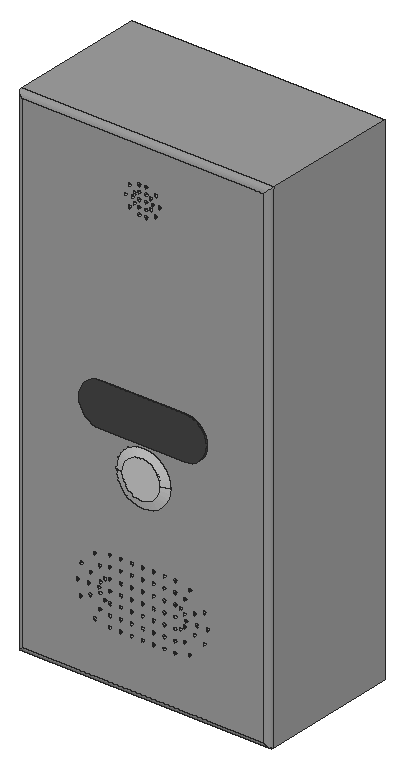
Revit family "STS-750_RV17_LOD_400", category Электрооборудование, Revit 2017
Family settings
  Конфигурация панели = Два столбца, слева направо
  Размер круглого соединителя = Использовать диаметр
  Тип детали = Щит
  На основе рабочей плоскости = Нет
  Всегда вертикально = Да
  При загрузке вырезать с полостями = Нет
  Общий = Нет
  Точка расчета площади = Нет
Parameters (values of type "STS-750")
  Стандарт питания = "Passive РоЕ, 12 В"
  Смещение_УГО_Y [instance] = 0 mm
  Смещение_УГО_X [instance] = 0 mm
  Режим работы = "непрерывный"
  Разрешающая способность = 2
  Раздел проекта [instance] = ""
  Раздел Спецификации [instance] = ""
  Потребляемый ток, не более, А = 0.6 A
  Напряжение = "12"
  Мощность = "3"
  Максимальное разрешение, пикс. = "1920х1080"
  Интерфейс связи = "10BaseT/100BaseTX Ethernet"
  Диапазон рабочих температур, °С = "от -40 до + 50"
  Дальность действия ИК подсветки, м = 1
  Встроенная видеокамера = "цветная"
  Видимость_УГО [instance] = yes
  В_УГО_Смешение по Y [instance] = Смещение_УГО_Y + 2000 mm  # 2000 mm
  В_УГО_Смешение по X [instance] = Смещение_УГО_X + 2000 mm  # 2000 mm
  d короба [instance] = 20 mm
  ADSK_Размер_Ширина = 93 mm
  ADSK_Размер_Глубина = 53 mm
  ADSK_Размер_Высота = 185 mm
  ADSK_Примечание = ""
  ADSK_Наименование = "STS-750"
  ADSK_Масса = 1.4
  ADSK_Марка = "CТАЕ.425723.001-01"
  ADSK_Количество = 1
  ADSK_Завод-изготовитель = "ООО «Основа Безопасности»"  # constant formula
  ADSK_Единица измерения = "шт."  # constant formula
  ADSK_URL страницы изделия = "https://stilsoft.ru/products/sts-750"
  ADSK_URL документации изделия = ""
Reference planes
  plane 1 "По центру (Вперед/Назад)": y = 0
  plane 2: z = 0
  plane 3 "По центру (Влево/Вправо)": x = 0
  plane 4: z = 185
  plane 5 "спереди": y = -53
  plane 6: x = -46.5
  plane 7: x = 46.5
  plane 8: z = 92.5
  plane 9: y = -54
  plane 10: x = 0
  plane 11: y = 0
  plane 12: y = 2000
  plane 13: x = -2000
Forms (mm)
  Extrusion 1, solid, material "корпус 750", detail levels medium+fine
    sketch origin (0, 0, 0) x (1, 0, 0) y (0, 1, 0)
      loop
        line (-46.5, 0) -> (-46.5, -53) -> (46.5, -53) -> (46.5, 0) -> (-46.5, 0)
    from 0 to 185
  Sweep 2, void, detail levels fine
    path origin (0, -53, 0) x (-1, 0, 0) y (0, 0, 1)
      loop
        line (46.5, 185) -> (-46.5, 185) -> (-46.5, 0) -> (46.5, 0) -> (46.5, 185)
    profile origin (-46.5, -53, 92.5) x (0, 1, 0) y (-1, 0, 0)
      loop
        line (2, 0) -> (2, 1) -> (-1, 1) -> (-1, -2) -> (0, -2)
        arc (0, -2) -> (0.586, -0.586) -> (2, 0) r 2
  Extrusion 3, solid, material "ПЛАСТИК СЧИТКИ", detail levels fine
    sketch origin (0, -53, 0) x (-1, 0, 0) y (0, 0, 1)
      loop
        line (15.5, 100.5) -> (-15.5, 100.5)
        arc (-15.5, 100.5) -> (-21.157, 98.157) -> (-23.5, 92.5) r 8
        arc (-23.5, 92.5) -> (-21.157, 86.843) -> (-15.5, 84.5) r 8
        line (-15.5, 84.5) -> (15.5, 84.5)
        arc (15.5, 84.5) -> (21.157, 86.843) -> (23.5, 92.5) r 8
        arc (23.5, 92.5) -> (21.157, 98.157) -> (15.5, 100.5) r 8
    from -0.358 to 1
  Blend 4, solid, material "кнопка", detail levels medium+fine
    base sketch origin (0, -53, 0) x (-1, 0, 0) y (0, 0, 1)
      loop
        circle (0, 73.5) r 10
    top sketch origin (0, -53, 0) x (-1, 0, 0) y (0, 0, 1)
      loop
        circle (0, 73.5) r 7
    from 0 to -1
  Extrusion 5, void, detail levels fine
    sketch origin (0, -53, 0) x (-1, 0, 0) y (0, 0, 1)
      loop
        circle (-1.3, 165) r 0.619
      loop
        circle (-1.3, 167.5) r 0.619
      loop
        circle (-1.3, 170) r 0.619
      loop
        circle (1.3, 170) r 0.619
      loop
        circle (1.3, 167.5) r 0.619
      loop
        circle (1.3, 165) r 0.619
      loop
        circle (1.3, 162.5) r 0.619
      loop
        circle (1.3, 160) r 0.619
      loop
        circle (-1.3, 160) r 0.619
      loop
        circle (-1.3, 162.5) r 0.619
      loop
        circle (-3.8, 165) r 0.619
      loop
        circle (-6.3, 165) r 0.619
      loop
        circle (3.8, 165) r 0.619
      loop
        circle (6.3, 165) r 0.619
      loop
        circle (4.836, 168.536) r 0.619
      loop
        circle (4.836, 161.464) r 0.619
      loop
        circle (-4.836, 161.464) r 0.619
      loop
        circle (-4.836, 168.536) r 0.619
      loop
        circle (3.068, 166.768) r 0.619
      loop
        circle (3.068, 163.232) r 0.619
      loop
        circle (-3.068, 163.232) r 0.619
      loop
        circle (-3.068, 166.768) r 0.619
    from 0 to 3
  Extrusion 6, void, detail levels fine
    sketch origin (0, -53, 0) x (-1, 0, 0) y (0, 0, 1)
      loop
        circle (-4, 32) r 0.619
      loop
        circle (0, 32) r 0.619
      loop
        circle (0, 36) r 0.619
      loop
        circle (-4, 36) r 0.619
      loop
        circle (-4, 40) r 0.619
      loop
        circle (0, 44) r 0.619
      loop
        circle (0, 40) r 0.619
      loop
        circle (0, 28) r 0.619
      loop
        circle (-4, 28) r 0.619
      loop
        circle (0, 24) r 0.619
      loop
        circle (-4, 24) r 0.619
      loop
        circle (0, 20) r 0.619
      loop
        circle (-4, 20) r 0.619
      loop
        circle (-7.972, 32) r 0.619
      loop
        circle (-7.972, 36) r 0.619
      loop
        circle (-7.972, 40) r 0.619
      loop
        circle (-7.972, 28) r 0.619
      loop
        circle (-7.972, 24) r 0.619
      loop
        circle (-7.972, 20) r 0.619
      loop
        circle (-4, 44) r 0.619
      loop
        circle (-8, 44) r 0.619
      loop
        circle (-11.972, 32) r 0.619
      loop
        circle (-11.972, 36) r 0.619
      loop
        circle (-11.972, 40) r 0.619
      loop
        circle (-11.972, 28) r 0.619
      loop
        circle (-11.972, 24) r 0.619
      loop
        circle (-11.972, 20) r 0.619
      loop
        circle (-12, 44) r 0.619
      loop
        circle (4.028, 32) r 0.619
      loop
        circle (4.028, 36) r 0.619
      loop
        circle (4.028, 40) r 0.619
      loop
        circle (4.028, 28) r 0.619
      loop
        circle (4.028, 24) r 0.619
      loop
        circle (4.028, 20) r 0.619
      loop
        circle (4, 44) r 0.619
      loop
        circle (8.028, 32) r 0.619
      loop
        circle (8.028, 36) r 0.619
      loop
        circle (8.028, 40) r 0.619
      loop
        circle (8.028, 28) r 0.619
      loop
        circle (8.028, 24) r 0.619
      loop
        circle (8.028, 20) r 0.619
      loop
        circle (8, 44) r 0.619
      loop
        circle (12.028, 32) r 0.619
      loop
        circle (12.028, 36) r 0.619
      loop
        circle (12.028, 40) r 0.619
      loop
        circle (12.028, 28) r 0.619
      loop
        circle (12.028, 24) r 0.619
      loop
        circle (12.028, 20) r 0.619
      loop
        circle (12, 44) r 0.619
      loop
        circle (16, 32) r 0.619
      loop
        circle (20, 32) r 0.619
      loop
        circle (24, 32) r 0.619
      loop
        circle (-16, 32) r 0.619
      loop
        circle (-20, 32) r 0.619
      loop
        circle (-24, 32) r 0.619
      loop
        circle (13.868, 35.54) r 0.619
      loop
        circle (15.535, 33.873) r 0.619
      loop
        circle (19.086, 35.8) r 0.619
      loop
        circle (15.77, 39.117) r 0.619
      loop
        circle (17.622, 42.601) r 0.619
      loop
        circle (22.601, 37.622) r 0.619
      loop
        circle (15.648, 30.235) r 0.619
      loop
        circle (13.835, 28.422) r 0.619
      loop
        circle (15.681, 24.799) r 0.619
      loop
        circle (19.302, 28.421) r 0.619
      loop
        circle (22.816, 26.707) r 0.619
      loop
        circle (17.56, 21.112) r 0.619
      loop
        circle (-17.448, 42.692) r 0.619
      loop
        circle (-22.723, 37.23) r 0.619
      loop
        circle (-19.126, 35.473) r 0.619
      loop
        circle (-15.603, 39.072) r 0.619
      loop
        circle (-13.991, 35.45) r 0.619
      loop
        circle (-15.404, 34.037) r 0.619
      loop
        circle (-15.404, 30.007) r 0.619
      loop
        circle (-14.011, 28.615) r 0.619
      loop
        circle (-15.588, 24.868) r 0.619
      loop
        circle (-19.173, 28.453) r 0.619
      loop
        circle (-22.773, 26.697) r 0.619
      loop
        circle (-17.396, 21.32) r 0.619
    from 0 to 3
Cuts and joins
  Sweep 2, Extrusion 5, Extrusion 6 cuts Extrusion 1
Dimensions and locks
  "ADSK_Размер_Высота": plane 4 to level
  "ADSK_Размер_Ширина": plane 6 to plane 7
  "ADSK_Размер_Глубина": plane 5 "спереди" to plane 1 "По центру (Вперед/Назад)"
  locked: plane 12 to plane 1 "По центру (Вперед/Назад)" at 2000
  locked: plane 13 to plane 3 "По центру (Влево/Вправо)" at 2000
  "В_УГО_Смешение по X": plane 13 to plane 10
  "В_УГО_Смешение по Y": plane 12 to plane 11
  aligned and locked: level to plane 2
  aligned and locked: plane 1 "По центру (Вперед/Назад)" to Extrusion 1 sketch curve
  aligned and locked: plane 6 to Extrusion 1 sketch curve
  aligned and locked: plane 5 "спереди" to Extrusion 1 sketch curve
  aligned and locked: plane 7 to Extrusion 1 sketch curve
  aligned and locked: Blend 4 to plane 9
  aligned and locked: plane 5 "спереди" to Blend 4
  aligned and locked: nested 1 to plane 11
  aligned and locked: plane 10 to nested 1
Automatic sketch dimensions
  Sweep 2 sketch curve to plane 4 = 0 mm
  plane 7 to Sweep 2 sketch curve = 0 mm
  Sweep 2 sketch curve to level = 0 mm
  Sweep 2 sketch curve to plane 6 = 0 mm
  Sweep 2 sketch curve to plane 5 "спереди" = 0 mm
  Sweep 2 sketch curve to profile plane = 0 mm
  Sweep 2 sketch curve to plane 5 "спереди" = 1 mm
  plane 5 "спереди" to Sweep 2 sketch curve = 2 mm
  Sweep 2 sketch curve to profile plane = 1 mm
  Extrusion 3 sketch curve to plane 8 = 0 mm
  Blend 4 sketch curve to plane 3 "По центру (Влево/Вправо)" = 0 mm  (x2)
  Extrusion 3 sketch curve to Extrusion 3 sketch curve = 0 mm  (x2)
  Extrusion 6 sketch curve to plane 3 "По центру (Влево/Вправо)" = 0 mm  (x7)
  Extrusion 6 sketch curve to Extrusion 6 sketch curve = 1.392 mm  (x2)
  Extrusion 5 sketch curve to Extrusion 5 sketch curve = 0.732 mm  (x6)
  Extrusion 5 sketch curve to Extrusion 5 sketch curve = 1.768 mm  (x14)
  Extrusion 5 sketch curve to Extrusion 5 sketch curve = 2.5 mm  (x8)
  Extrusion 6 sketch curve to Extrusion 6 sketch curve = 3.972 mm  (x6)
  Extrusion 6 sketch curve to Extrusion 6 sketch curve = 4 mm  (x41)
  Extrusion 6 sketch curve to Extrusion 6 sketch curve = 0 mm  (x35)
  Extrusion 6 sketch curve to Extrusion 6 sketch curve = 2.019 mm
  Extrusion 6 sketch curve to Extrusion 6 sketch curve = 2.04 mm
  Extrusion 6 sketch curve to Extrusion 6 sketch curve = 1.413 mm  (x2)
  Extrusion 6 sketch curve to Extrusion 6 sketch curve = 3.616 mm
  Extrusion 6 sketch curve to Extrusion 6 sketch curve = 3.631 mm
  Extrusion 6 sketch curve to Extrusion 6 sketch curve = 0.596 mm
  Extrusion 6 sketch curve to Extrusion 6 sketch curve = 1.808 mm
  Extrusion 6 sketch curve to Extrusion 6 sketch curve = 1.845 mm
  Extrusion 6 sketch curve to Extrusion 6 sketch curve = 3.722 mm
  Extrusion 6 sketch curve to Extrusion 6 sketch curve = 3.769 mm
  Extrusion 6 sketch curve to Extrusion 6 sketch curve = 0.874 mm
  Extrusion 6 sketch curve to Extrusion 6 sketch curve = 3.597 mm
  Extrusion 6 sketch curve to Extrusion 6 sketch curve = 3.6 mm
  plane 3 "По центру (Влево/Вправо)" to Extrusion 3 sketch curve = 15.5 mm
  plane 3 "По центру (Влево/Вправо)" to Extrusion 5 sketch curve = 1.3 mm  (x5)
  plane 3 "По центру (Влево/Вправо)" to Extrusion 6 sketch curve = 4 mm  (x2)
  Extrusion 6 sketch curve to Extrusion 6 sketch curve = 1.807 mm
  Extrusion 6 sketch curve to Extrusion 6 sketch curve = 1.84 mm
  Extrusion 6 sketch curve to Extrusion 6 sketch curve = 1.668 mm  (x2)
  Extrusion 6 sketch curve to Extrusion 6 sketch curve = 1.813 mm  (x2)
  Extrusion 6 sketch curve to Extrusion 6 sketch curve = 3.653 mm
  Extrusion 6 sketch curve to Extrusion 6 sketch curve = 3.741 mm
  Extrusion 6 sketch curve to Extrusion 6 sketch curve = 0.352 mm
  Extrusion 6 sketch curve to Extrusion 6 sketch curve = 1.879 mm
  Extrusion 6 sketch curve to Extrusion 6 sketch curve = 1.853 mm
  Extrusion 6 sketch curve to Extrusion 6 sketch curve = 3.551 mm
  Extrusion 6 sketch curve to Extrusion 6 sketch curve = 3.654 mm
  Extrusion 6 sketch curve to Extrusion 6 sketch curve = 0.698 mm
  Extrusion 6 sketch curve to Extrusion 6 sketch curve = 3.515 mm
  Extrusion 6 sketch curve to Extrusion 6 sketch curve = 3.514 mm
  Extrusion 3 sketch curve to plane 3 "По центру (Влево/Вправо)" = 15.5 mm
  Extrusion 5 sketch curve to plane 3 "По центру (Влево/Вправо)" = 1.3 mm  (x5)
  Extrusion 6 sketch curve to plane 3 "По центру (Влево/Вправо)" = 4.028 mm  (x2)
  Extrusion 6 sketch curve to Extrusion 6 sketch curve = 0.028 mm
  level to Extrusion 6 sketch curve = 20 mm
  Extrusion 6 sketch curve to Extrusion 6 sketch curve = 1.112 mm
  Extrusion 6 sketch curve to Extrusion 6 sketch curve = 1.32 mm
  Extrusion 6 sketch curve to Extrusion 6 sketch curve = 0.799 mm
  Extrusion 6 sketch curve to Extrusion 6 sketch curve = 0.868 mm
  Extrusion 6 sketch curve to Extrusion 6 sketch curve = 1.829 mm
  Extrusion 6 sketch curve to Extrusion 6 sketch curve = 1.907 mm
  Extrusion 6 sketch curve to Extrusion 6 sketch curve = 1.714 mm
  Extrusion 6 sketch curve to Extrusion 6 sketch curve = 0.422 mm
  Extrusion 6 sketch curve to Extrusion 6 sketch curve = 1.756 mm
  Extrusion 6 sketch curve to Extrusion 6 sketch curve = 0.615 mm
  Extrusion 6 sketch curve to Extrusion 6 sketch curve = 3.385 mm
  Extrusion 6 sketch curve to Extrusion 6 sketch curve = 5.303 mm
  Extrusion 6 sketch curve to Extrusion 6 sketch curve = 3.547 mm
  Extrusion 6 sketch curve to Extrusion 6 sketch curve = 1.993 mm
  Extrusion 6 sketch curve to Extrusion 6 sketch curve = 5.293 mm
  Extrusion 6 sketch curve to Extrusion 6 sketch curve = 3.579 mm
  Extrusion 6 sketch curve to Extrusion 6 sketch curve = 1.765 mm
  Extrusion 6 sketch curve to Extrusion 6 sketch curve = 1.873 mm
  Extrusion 6 sketch curve to Extrusion 6 sketch curve = 2.037 mm
  Extrusion 6 sketch curve to Extrusion 6 sketch curve = 3.473 mm
  Extrusion 6 sketch curve to Extrusion 6 sketch curve = 3.8 mm
  Extrusion 6 sketch curve to Extrusion 6 sketch curve = 0.55 mm
  Extrusion 6 sketch curve to Extrusion 6 sketch curve = 0.46 mm
  Extrusion 6 sketch curve to Extrusion 6 sketch curve = 1.757 mm
  Extrusion 6 sketch curve to Extrusion 6 sketch curve = 1.822 mm
  Extrusion 6 sketch curve to Extrusion 6 sketch curve = 3.621 mm
  Extrusion 6 sketch curve to Extrusion 6 sketch curve = 3.577 mm
  Extrusion 6 sketch curve to Extrusion 6 sketch curve = 0.883 mm
  Extrusion 6 sketch curve to Extrusion 6 sketch curve = 0.928 mm
  Extrusion 6 sketch curve to Extrusion 6 sketch curve = 3.485 mm
  Extrusion 6 sketch curve to Extrusion 6 sketch curve = 3.62 mm
  Extrusion 3 sketch curve to plane 8 = 8 mm
  Blend 4 sketch curve to plane 8 = 19 mm  (x2)
  Extrusion 5 sketch curve to plane 4 = 25 mm
  Extrusion 5 sketch curve to Extrusion 5 sketch curve = 0 mm  (x3)
  Extrusion 5 sketch curve to Extrusion 5 sketch curve = 1.464 mm  (x2)
  radius of Blend 4 sketch curve = 10 mm
  radius of Blend 4 sketch curve = 7 mm
  radius of Extrusion 5 sketch curve = 0.619 mm  (x22)
  radius of Extrusion 6 sketch curve = 0.619 mm  (x79)
Nested families
  nested 1: "УГО_Считыватель" at (0, 0, 0), visible <- "Видимость_УГО", type "УГО_Считыватель", detail levels coarse
Connectors
  electrical at (0, 0, 92.5)
    settings: on cut or joined group of Extrusion 1, Sweep 2, Extrusion 5, Extrusion 6, index 1, voltage 0 V, apparent load 0 VA, apparent load phase1 0 VA, apparent load phase2 0 VA, apparent load phase3 0 VA, power factor 1, load classification "Прочее", number of poles 1, system type 31, power factor state 1, is connector primary yes, connector utility no, sub classification motor no, connector description ""
  cabletrayconduit at (0, 0, 92.5), diameter 20, driven by "d короба"
    settings: on cut or joined group of Extrusion 1, Sweep 2, Extrusion 5, Extrusion 6, index 2, connector width 300 mm, connector height 300 mm, connector angle 0.00°, system type 32, placement type 0, profile type 0, connector reference index -1, is primary connector yes, connector utility param no, connector description ""
Definition of nested family "УГО_Считыватель"
  Reference planes
    plane 1: y = 0
    plane 2: x = 0
  Lines and regions (mm)
    detail lines
      curve 1: line (3, 0, 0) -> (3, -8, 0)
      curve 2: line (3, -8, 0) -> (-3, -8, 0)
      curve 3: line (-3, -8, 0) -> (-3, 0, 0)
      curve 4: line (-3, 0, 0) -> (3, 0, 0)
      curve 5: line (2, -1.007, 0) -> (2, -7.007, 0)
      curve 6: line (2, -7.007, 0) -> (-2, -7.007, 0)
      curve 7: line (-2, -7.007, 0) -> (-2, -1.007, 0)
      curve 8: line (-2, -1.007, 0) -> (2, -1.007, 0)
    detail lines, not visible
      curve 9: line (3, 0, 0) -> (3, -8, 0)
      curve 10: line (3, -8, 0) -> (-3, -8, 0)
      curve 11: line (-3, -8, 0) -> (-3, 0, 0)
      curve 12: line (-3, 0, 0) -> (3, 0, 0)
      curve 13: line (2, -1.007, 0) -> (2, -7.007, 0)
      curve 14: line (2, -7.007, 0) -> (-2, -7.007, 0)
      curve 15: line (-2, -7.007, 0) -> (-2, -1.007, 0)
      curve 16: line (-2, -1.007, 0) -> (2, -1.007, 0)
  Dimensions and locks
    aligned and locked: plane 1 to curve 4
